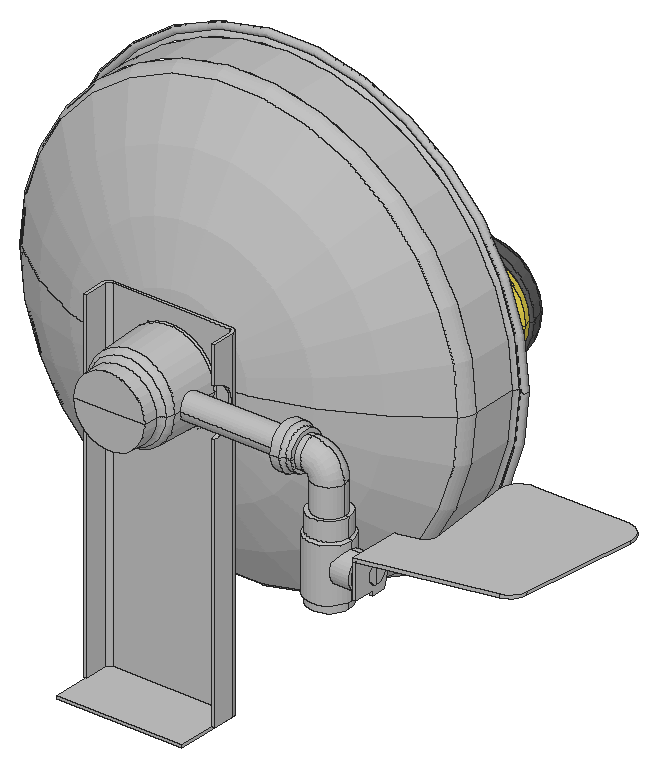
Revit family "Safety_Encon-Safety_Wall-Mount-Eye-Facewash-SS-Bowl", category Plumbing Fixtures, host Face, Revit 2019
Family settings
  Host = Face
  Round Connector Dimension = Use Diameter
  Part Type = Normal
  OmniClass Number = 23.45.05.14.24
  Cut with Voids When Loaded = No
  Shared = No
  Room Calculation Point = No
Parameters (values of type "01045501")
  Width = 16"
  WFU = 0
  URL = "https://enconsafety.com/"
  Supply Diameter = 1/2"
  Product data url = "https://www.bimobject.com/encon/product/wall_mount_eye-facewash_SS_bowl_8_0_gpm_ABS_facewash_heads"
  Product Guid = "68e39ca3-a789-45c7-8317-a775f6945996"  # constant formula
  Pedestal Material = Encon Safety Products - Metal - Stainless Steel
  Model = "01045501"  # constant formula
  Piping Material = Encon Safety Products - Metal - Stainless Steel
  Manufacturer = "Encon Safety Products"  # constant formula
  Keynote = "15410"
  Height = 9"
  Heads Material = Encon Safety Products - Plastic - Acetal - Yellow
  Fluid out Diameter = 1 1/4"
  Flow = 8 GPM
  Edition number = 1
  Drain Type = "FNPT"
  Description = "Wall mount eye/facewash SS bowl, 8.0 gpm ABS facewash"  # constant formula
  Default Elevation = 48"
  CWFU = 0
  Bowl Material = Encon Safety Products - Metal - Stainless Steel
  Assembly Code = "D2010600"
Reference planes (in)
  plane 1 "Center (Front/Back)": y = 0
  plane 2: z = 0
  plane 3 "Center (Left/Right)": x = 0
Forms (in)
  Revolve 1, solid, material "Encon Safety Products - Metal - Stainless Steel" <- "Bowl Material"
    sketch origin (0, -1.23011, 7.625) x (-1, 0, 0) y (0, -1, 0)
      loop
        line (-0.33772, -2.19101) -> (-0.33772, -2.15982)
        arc (-0.33772, -2.15982) -> (-3.28212, -2.78024) -> (-5.85187, -4.34575) r 8.90617
        arc (-5.85187, -4.34575) -> (-5.98541, -4.52451) -> (-6.03278, -4.74256) r 0.52565
        line (-6.03278, -4.74256) -> (-6.03347, -5.9312)
        arc (-6.03347, -5.9312) -> (-6.09218, -6.08243) -> (-6.23754, -6.15445) r 0.22415
        arc (-6.23754, -6.15445) -> (-6.25702, -6.02818) -> (-6.15762, -6.10845) r 0.0685
        line (-6.15762, -6.10845) -> (-6.12904, -6.08755)
        arc (-6.12904, -6.08755) -> (-6.28435, -6.01671) -> (-6.23601, -6.18043) r 0.09381
        arc (-6.23601, -6.18043) -> (-6.07283, -6.09983) -> (-6.00746, -5.92996) r 0.25017
        line (-6.00746, -5.92996) -> (-6.00746, -4.77396)
        arc (-6.00746, -4.77396) -> (-5.95718, -4.54283) -> (-5.81542, -4.35348) r 0.55635
        arc (-5.81542, -4.35348) -> (-3.26104, -2.80498) -> (-0.33772, -2.19101) r 8.88085
      axis (0, -6.18043) -> (0, -2.15982)
    angle from 0 to 360
  Sweep 2, solid, material "Encon Safety Products - Metal - Stainless Steel" <- "Piping Material"
    path origin (0, -6.47209, 7.625) x (-1, 0, 0) y (0, -1, 0)
      loop
        line (-3.45241, -11.49934) -> (-3.75044, -10.4932)
        arc (-3.75044, -10.4932) -> (-3.59287, -9.61086) -> (-2.79162, -9.20919) r 1
        line (-2.79162, -9.20919) -> (2.79162, -9.20919)
        arc (2.79162, -9.20919) -> (3.59287, -9.61086) -> (3.75044, -10.4932) r 1
        line (3.75044, -10.4932) -> (3.45241, -11.49934)
    profile origin (0, 2.73709, 7.625) x (0, -1, 0) y (0, 0, 1)
      loop
        circle (0, 0) r 0.3057
  Extrusion 3, solid, material "Encon Safety Products - Metal - Stainless Steel", detail levels fine
    sketch origin (-0.1875, -1.23011, 7.625) x (1, 0, 0) y (0, 1, 0)
      loop
        arc (7.31056, 5.3158) -> (6.93899, 5.15037) -> (6.8133, 4.76354) r 0.5
        line (6.8133, 4.76354) -> (7.06362, 2.38191)
        arc (7.06362, 2.38191) -> (7.00767, 2.17308) -> (6.82635, 2.05533) r 0.30164
        line (6.82635, 2.05533) -> (6.31615, 1.94689) -> (6.25351, 1.94689) -> (6.25351, 0.55525) -> (9.60434, 1.26749)
        arc (9.60434, 1.26749) -> (9.87196, 1.422) -> (9.99765, 1.7043) r 0.5
        line (9.99765, 1.7043) -> (10.3192, 4.76354)
        arc (10.3192, 4.76354) -> (10.19351, 5.15037) -> (9.82194, 5.3158) r 0.5
        line (9.82194, 5.3158) -> (7.31056, 5.3158)
    from -1.62605 to -1.70211
  Sweep 4, solid, material "Encon Safety Products - Metal - Stainless Steel" <- "Pedestal Material"
    path origin (1.42969, -4.04689, 7.625) x (-1, 0, 0) y (0, -1, 0)
      loop
        line (-2.50787, -4.07472) -> (0.40782, -4.07472)
    profile origin (2.47971, 0.02782, 7.625) x (0, -1, 0) y (0, 0, 1)
      loop
        circle (0, 0) r 0.33594
  Revolve 5, solid, material "Encon Safety Products - Metal - Stainless Steel" <- "Pedestal Material"
    sketch origin (4.96098, -179.97094, 7.625) x (0, -1, 0) y (1, 0, 0)
      loop
        line (-180.58974, -1.19819) -> (-180, -1.19819) -> (-180, -0.69717) -> (-180.51266, -0.69717) -> (-180.51266, -0.83983)
        arc (-180.51266, -0.83983) -> (-180.53368, -0.90959) -> (-180.58974, -0.95612) r 0.12627
        line (-180.58974, -0.95612) -> (-180.58974, -1.19819)
      axis (-180, -1.19819) -> (-180, -0.69717)
    angle from 0 to 360
  Revolve 6, solid, material "Encon Safety Products - Metal - Stainless Steel" <- "Pedestal Material"
    sketch origin (5.07036, 0.02512, 188.01562) x (1, 0, 0) y (0, 0, 1)
      loop
        line (-0.1867, -183.76998) -> (-0.1867, -181.56998) -> (-0.7167, -181.56998) -> (-0.7167, -182.05507)
        arc (-0.7167, -182.05507) -> (-0.73586, -182.10132) -> (-0.78211, -182.12047) r 0.0654
        line (-0.78211, -182.12047) -> (-0.78211, -183.54998) -> (-0.7167, -183.54998) -> (-0.7167, -183.76998) -> (-0.1867, -183.76998)
      axis (-0.1867, -183.76998) -> (-0.1867, -181.56998)
    angle from 0 to 360
  Revolve 7, solid, material "Encon Safety Products - Metal - Stainless Steel" <- "Pedestal Material"
    sketch origin (0, -9.60939, 7.625) x (-1, 0, 0) y (0, -1, 0)
      loop
        line (0, -8.37928) -> (-0.93814, -8.37928) -> (-0.9513, -8.75623)
        arc (-0.9513, -8.75623) -> (-0.97959, -8.86335) -> (-1.05137, -8.94774) r 0.25017
        arc (-1.05137, -8.94774) -> (-1.12314, -9.03214) -> (-1.15143, -9.13925) r 0.25016
        line (-1.15143, -9.13925) -> (-1.19442, -10.37054)
        arc (-1.19442, -10.37054) -> (-1.21756, -10.43877) -> (-1.2745, -10.48291) r 0.12508
        arc (-1.2745, -10.48291) -> (-1.30271, -10.50519) -> (-1.31337, -10.53952) r 0.06066
        line (-1.31337, -10.53952) -> (-1.31337, -10.63006) -> (0, -10.39848) -> (0, -8.37928)
      loop
        arc (-0.75049, -10.58978) -> (-0.89754, -10.60348) -> (-1.04433, -10.61963) r 8.88085
        line (-1.04433, -10.61963) -> (-1.06627, -11.248)
        arc (-1.06627, -11.248) -> (-1.02626, -11.35224) -> (-0.92348, -11.39587) r 0.14288
        line (-0.92348, -11.39587) -> (-0.41712, -11.39587)
        arc (-0.41712, -11.39587) -> (-0.37336, -11.37774) -> (-0.35523, -11.33398) r 0.06189
        line (-0.35523, -11.33398) -> (-0.35523, -11.14571) -> (-0.75049, -11.14571) -> (-0.75049, -10.58978)
      axis (0, -11.39587) -> (0, -8.37928)
    angle from 0 to 360
  Sweep 8, solid, material "Encon Safety Products - Metal - Stainless Steel" <- "Pedestal Material"
    path origin (5.05473, 0.02906, 187.625) x (1, 0, 0) y (0, 0, 1)
      loop
        line (-0.1867, -181.56998) -> (-0.1867, -180.43185)
        arc (-0.1867, -180.43185) -> (-0.31319, -180.12649) -> (-0.61855, -180) r 0.43185
        line (-0.61855, -180) -> (-1.19819, -180)
    profile origin (4.86803, 0.02906, 6.62408) x (-1, 0, 0) y (0, -1, 0)
      loop
        circle (0, 0) r 0.41796
  Revolve 9, solid, material "Encon Safety Products - Metal - Stainless Steel" <- "Piping Material"
    sketch origin (0, -6.47209, 7.625) x (-1, 0, 0) y (0, -1, 0)
      loop
        line (0.76351, -9.65698) -> (0.76351, -9.71702) -> (0.95062, -9.71702) -> (0.95062, -9.20857) -> (-0.95062, -9.20857) -> (-0.95062, -9.71702) -> (-0.76351, -9.71702) -> (-0.76351, -9.65698) -> (0.76351, -9.65698)
      axis (0.95062, -9.20857) -> (-0.95062, -9.20857)
    angle from 0 to 360
  Revolve 10, solid, material "Encon Safety Products - Plastic - Acetal - Yellow" <- "Heads Material"
    sketch origin (0, -6.47209, 7.625) x (-1, 0, 0) y (0, -1, 0)
      loop
        line (-2.93604, -13.27493) -> (-3.47458, -11.45684) -> (-3.81638, -11.55808) -> (-3.83031, -11.51107) -> (-3.89027, -11.52883)
        arc (-3.89027, -11.52883) -> (-3.8656, -11.67817) -> (-3.84879, -11.82859) r 2.88316
        line (-3.84879, -11.82859) -> (-3.86598, -12.46745)
        arc (-3.86598, -12.46745) -> (-3.99481, -12.86812) -> (-4.31907, -13.13644) r 0.75049
        arc (-4.31907, -13.13644) -> (-4.41562, -13.23006) -> (-4.42569, -13.36417) r 0.18941
        line (-4.42569, -13.36417) -> (-4.41415, -13.40313) -> (-4.49951, -13.53863) -> (-4.4452, -13.72196) -> (-2.93604, -13.27493)
      axis (-3.4885, -11.40982) -> (-2.93604, -13.27493)
    angle from 0 to 360
  Revolve 11, solid, material "Encon Safety Products - Metal - Stainless Steel" <- "Pedestal Material", detail levels fine
    sketch origin (1.25205, -0.03821, 1.20385) x (1, 0, 0) y (0, 0, 1)
      loop
        arc (4.02925, 4.52383) -> (4.17945, 4.32712) -> (4.2367, 4.08633) r 0.5954
        line (4.2367, 4.08633) -> (4.59845, 4.08633) -> (4.59845, 4.46633) -> (4.55095, 4.46633) -> (4.55095, 4.52383) -> (4.02925, 4.52383)
      axis (4.59845, 4.08633) -> (4.02925, 4.08633)
    angle from 0 to 360
  Extrusion 12, solid, material "Encon Safety Products - Metal - Stainless Steel", detail levels fine
    sketch origin (17.73869, -4.02285, 27.05325) x (0, 0, -1) y (0, 1, 0)
      loop
        line (21.13036, 4.73201) -> (21.13036, 3.35611) -> (22.05577, 3.35611) -> (22.05577, 3.91848) -> (22.18006, 3.91848) -> (22.18006, 4.29828) -> (21.72159, 4.41885) -> (21.5231, 4.41643) -> (21.5231, 4.73201) -> (21.13036, 4.73201)
    from -11.67268 to -11.59664
  Revolve 13, solid, material "Encon Safety Products - Metal - Stainless Steel" <- "Pedestal Material", detail levels fine
    sketch origin (1.99051, 0.02429, 1.20385) x (1, 0, 0) y (0, 0, 1)
      loop
        line (4.17271, 4.1701) -> (4.17271, 4.43572) -> (4.07891, 4.43572) -> (4.07891, 4.49486) -> (3.92261, 4.49486) -> (3.92261, 4.1701) -> (4.17271, 4.1701)
      axis (4.17271, 4.1701) -> (3.92261, 4.1701)
    angle from 0 to 360
  Revolve 14, solid, material "Encon Safety Products - Metal - Stainless Steel" <- "Piping Material"
    sketch origin (9.20857, 2.73648, 7.625) x (0, -1, 0) y (1, 0, 0)
      loop
        line (0.76351, -9.65698) -> (0.76351, -9.71702) -> (0.95062, -9.71702) -> (0.95062, -9.20857) -> (0, -9.20857) -> (0, -9.65698) -> (0.76351, -9.65698)
      axis (0.95062, -9.20857) -> (0, -9.20857)
    angle from 0 to 360
  Revolve 15, solid, material "Encon Safety Products - Plastic - Acetal - Yellow" <- "Heads Material"
    sketch origin (0, -6.47209, 7.625) x (-1, 0, 0) y (0, -1, 0)
      loop
        line (2.93604, -13.27493) -> (4.4452, -13.72196) -> (4.49951, -13.53863) -> (4.41415, -13.40313) -> (4.42569, -13.36417)
        arc (4.42569, -13.36417) -> (4.41562, -13.23006) -> (4.31907, -13.13644) r 0.18941
        arc (4.31907, -13.13644) -> (3.99481, -12.86812) -> (3.86598, -12.46745) r 0.75049
        line (3.86598, -12.46745) -> (3.84879, -11.82859)
        arc (3.84879, -11.82859) -> (3.8656, -11.67817) -> (3.89027, -11.52883) r 2.88316
        line (3.89027, -11.52883) -> (3.83031, -11.51107) -> (3.81638, -11.55808) -> (3.47458, -11.45684) -> (2.93604, -13.27493)
      axis (3.4885, -11.40982) -> (2.93604, -13.27493)
    angle from 0 to 360
  Revolve 16, solid, material "Encon Safety Products - Plastic - PVC - Black"
    sketch origin (-0.52827, -5.33921, 7.625) x (-1, 0, 0) y (0, -1, 0)
      loop
        line (-3.46429, -12.14209) -> (-4.99268, -12.59482)
        arc (-4.99268, -12.59482) -> (-5.03465, -12.62881) -> (-5.0403, -12.68253) r 0.07057
        line (-5.0403, -12.68253) -> (-4.93628, -13.0337)
        arc (-4.93628, -13.0337) -> (-4.86485, -13.12453) -> (-4.75055, -13.14154) r 0.15641
        line (-4.75055, -13.14154) -> (-3.34964, -12.81259) -> (-3.27246, -12.78972) -> (-3.46429, -12.14209)
      axis (-3.46429, -12.14209) -> (-3.27246, -12.78972)
    angle from 0 to 360
  Revolve 17, solid, material "Encon Safety Products - Plastic - PVC - Black"
    sketch origin (0.52827, -5.33921, 7.625) x (-1, 0, 0) y (0, -1, 0)
      loop
        line (3.46429, -12.14209) -> (3.27246, -12.78972) -> (3.34964, -12.81259) -> (4.75055, -13.14154)
        arc (4.75055, -13.14154) -> (4.86485, -13.12453) -> (4.93628, -13.0337) r 0.15641
        line (4.93628, -13.0337) -> (5.0403, -12.68253)
        arc (5.0403, -12.68253) -> (5.03465, -12.62881) -> (4.99268, -12.59482) r 0.07057
        line (4.99268, -12.59482) -> (3.46429, -12.14209)
      axis (3.46429, -12.14209) -> (3.27246, -12.78972)
    angle from 0 to 360
  Extrusion 18, solid, material "Encon Safety Products - Metal - Stainless Steel"
    sketch origin (0, -1.23011, 0) x (1, 0, 0) y (0, 1, 0)
      loop
        arc (-1.6761, 1.93485) -> (-1.64072, 2.02027) -> (-1.5553, 2.05565) r 0.1208
        line (-1.5553, 2.05565) -> (1.55889, 2.05565)
        arc (1.55889, 2.05565) -> (1.64177, 2.02132) -> (1.6761, 1.93843) r 0.11722
        line (1.6761, 1.93843) -> (1.6761, 1.33018) -> (1.75115, 1.33018) -> (1.75115, 1.93426)
        arc (1.75115, 1.93426) -> (1.69362, 2.07317) -> (1.55471, 2.1307) r 0.19645
        line (1.55471, 2.1307) -> (-1.565, 2.1307)
        arc (-1.565, 2.1307) -> (-1.69663, 2.07618) -> (-1.75115, 1.94455) r 0.18615
        line (-1.75115, 1.94455) -> (-1.75115, 1.33018) -> (-1.6761, 1.33018) -> (-1.6761, 1.93485)
    from 0.07505 to 9.2561
  Extrusion 19, solid, material "Encon Safety Products - Metal - Stainless Steel"
    sketch origin (0, -1.23011, 0) x (1, 0, 0) y (0, 1, 0)
      loop
        line (-1.6761, 2.09391) -> (-1.6761, 0.32952) -> (1.6761, 0.32952) -> (1.6761, 2.0887)
        arc (1.6761, 2.0887) -> (1.61894, 2.11991) -> (1.55471, 2.1307) r 0.19645
        line (1.55471, 2.1307) -> (-1.565, 2.1307)
        arc (-1.565, 2.1307) -> (-1.62352, 2.12127) -> (-1.6761, 2.09391) r 0.18615
    from 0 to 0.07505
  Extrusion 20, void
    sketch origin (0, 0, 0) x (0, 1, 0) y (0, 0, 1)
      loop
        line (0.10007, 8.27029) -> (0.10007, 6.98116)
        arc (0.10007, 6.98116) -> (0.68516, 7.62573) -> (0.10007, 8.27029) r 0.64759
    from 1.02187 to 2.23895
Cuts and joins
  Extrusion 20 cuts Extrusion 18
Lines and regions (in)
  Masking region 1
    outline origin (0, 0, 0) x (1, 0, 0) y (0, 0, 1)
      loop
        circle (0, 7.625) r 6.23601
  Masking region 2
    outline origin (0, 0, 0) x (1, 0, 0) y (0, 0, 1)
      loop
        circle (2.8693, 7.58973) r 1.66466
      loop
        circle (-2.8693, 7.58973) r 1.66466
  Masking region 3
    outline origin (0, 0, 0) x (1, 0, 0) y (0, 0, 1)
      loop
        line (0.95062, 8.13345) -> (0.76351, 8.13345) -> (0.76351, 8.07341) -> (-0.76351, 8.07341) -> (-0.76351, 8.13345) -> (-0.95062, 8.13345) -> (-0.95062, 7.93145) -> (-1.24009, 7.93145)
        arc (-1.24009, 7.93145) -> (-1.20504, 7.62598) -> (-1.22676, 7.31928) r 1.66466
        line (-1.22676, 7.31928) -> (-0.95062, 7.31928) -> (-0.95062, 7.11655) -> (-0.76351, 7.11655) -> (-0.76351, 7.17659) -> (0.76351, 7.17659) -> (0.76351, 7.11655) -> (0.95062, 7.11655) -> (0.95062, 7.32033) -> (1.22659, 7.32033)
        arc (1.22659, 7.32033) -> (1.20506, 7.62697) -> (1.24028, 7.93234) r 1.66466
        line (1.24028, 7.93234) -> (0.95062, 7.93234) -> (0.95062, 8.13345)
  Masking region 4
    outline origin (0, 0, 0) x (1, 0, 0) y (0, 0, 1)
      loop
        line (1.6761, 0) -> (1.6761, 1.61846)
        arc (1.6761, 1.61846) -> (0, 1.38733) -> (-1.6761, 1.61846) r 6.19292
        line (-1.6761, 1.61846) -> (-1.6761, 0) -> (1.6761, 0)
  Masking region 5, detail levels fine
    outline origin (0, 0, 0) x (1, 0, 0) y (0, 0, 1)
      loop
        line (10.1317, 5.99895) -> (6.06601, 5.99895) -> (6.06601, 4.87319) -> (6.14206, 4.87319) -> (6.14206, 5.92289) -> (10.1317, 5.92289) -> (10.1317, 5.99895)
  Masking region 6, detail levels fine
    outline origin (0, 0, 0) x (1, 0, 0) y (0, 0, 1)
      loop
        line (6.06942, 5.69871) -> (5.91312, 5.69871) -> (5.91312, 5.04919) -> (6.06942, 5.04919) -> (6.06942, 5.69871)
  symbolic lines, detail levels fine
    curve 1: line (0.95062, 0, 7.93234) -> (0.95062, 0, 7.32033)
    curve 2: line (0.76351, 0, 7.17659) -> (0.76351, 0, 8.07341)
    curve 3: line (-0.76351, 0, 8.07341) -> (-0.76351, 0, 7.17659)
    curve 4: line (-0.95062, 0, 7.93145) -> (-0.95062, 0, 7.31928)
Dimensions and locks (in)
  aligned and locked: plane 2 to host face
  aligned and locked: level to host face
Connectors (in)
  piping at (4.88365, 0.02512, 4.24564), diameter 0.5, driven by "Supply Diameter", driven by "CWFU"
    settings: on Revolve 6, index 1, connector inside diameter 24", connector length 0", flow factor 0, pipe flow 0 GPM, pressure drop 0.00 psi, fitting loss kfactor 0, connector angle 0.00°, fixture units 0, engagement length 0", angle of deflection 0.00°, flow configuration 3, flow direction 1, fitting loss method 0, system type 20, joint type 0, gender type 0, connector reference index -1, connector utility 0, adjustable connector no, is connector primary yes, connector description ""
  piping at (0, -1.23011, 7.625), diameter 1.25, driven by "Fluid out Diameter", driven by "WFU"
    settings: on Revolve 7, index 2, connector inside diameter 24", connector length 0", flow factor 0, pipe flow 0 GPM, pressure drop 0.00 psi, fitting loss kfactor 0, connector angle 0.00°, fixture units 0, engagement length 0", angle of deflection 0.00°, flow configuration 3, flow direction 2, fitting loss method 0, system type 16, joint type 0, gender type 0, connector reference index -1, connector utility 0, adjustable connector no, is connector primary no, connector description ""
